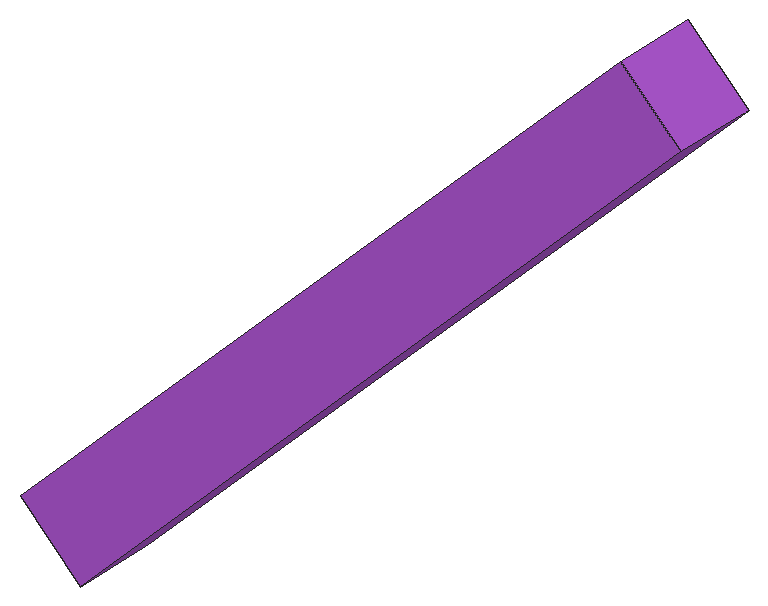
Revit family "ケーブルトレイサポート_等辺山形鋼", category Generic Models, Revit 2023
Family settings
  Can host rebar = No
  Round Connector Dimension = Use Diameter
  Part Type = Normal
  Work Plane-Based = Yes
  Always vertical = No
  Cut with Voids When Loaded = No
  Maintain Annotation Orientation = No
  Shared = No
  Room Calculation Point = No
Parameters (values of type "L 100 x 100")
  高さ = 100 mm
  長辺 [instance] = 長さ  # 1000 mm
  長さ [instance] = 1000 mm
  部屋名 = ""
  角度 [instance] = 45.00°
  Default Elevation = 1219.2 mm
  構造マテリアル = E304_ケーブルトレイサポート
  幅 = 100 mm
Types (18, lengths in mm): name | 高さ | 幅
  L 120 x 120 | 120 | 120
  L 130 x 130 | 130 | 130
  L 150 x 150 | 150 | 150
  L 175 x 175 | 175 | 175
  L 200 x 200 | 200 | 200
  L 25 x 25 | 25 | 25
  L 250 x 250 | 250 | 250
  L 30 x 30 | 30 | 30
  L 45 x 45 | 45 | 45
  L 50 x 50 | 50 | 50
  L 60 x 60 | 60 | 60
  L 65 x 65 | 65 | 65
  L 70 x 70 | 70 | 70
  L 75 x 75 | 75 | 75
  L 80 x 80 | 80 | 80
  L 90 x 90 | 90 | 90
  L 100 x 100 | 100 | 100
  L 40 x 40 | 40 | 40
Reference planes
  plane 1 "中心(正面/背面)": y = 0
  plane 2: z = 0
  plane 3 "中心(左/右)": x = 0
Lines and regions (mm)
  reference lines
    curve 1: line (0, 0, 0) -> (848.528, 0, 848.528)
    curve 2: line (35.355, 0, -35.355) -> (-35.355, 0, 35.355)
    curve 3: line (742.462, 0, 671.751) -> (671.751, 0, 742.462)
Dimensions and locks
  equal spacing: curve 2, curve 1, curve 2
  "高さ": curve 2 to curve 2
  equal spacing: curve 3, curve 1, curve 3
  "高さ": curve 3 to curve 3
  "長さ": curve 2 to curve 3
  "角度": angle level to curve 1
  angle curve 2 to curve 1 = 90.00°
  angle curve 3 to curve 1 = 90.00°
  aligned and locked: level to plane 2
  aligned and locked: level to curve 1
  aligned and locked: plane 3 "中心(左/右)" to curve 1
  aligned and locked: nested 1 to curve 1
Nested families
  nested 1: "グレーチング_等辺山形鋼" at (-35.355, 0, 35.355) x (0, 1, 0) z (0.7071, 0, -0.7071), 長さ <- "長さ", type "L 25 x 25"
    with 長辺 1000 mm, 長さ 1000 mm, 高さ 100 mm, 幅 100 mm
Definition of nested family "グレーチング_等辺山形鋼"
  Parameters (values of type "L 25 x 25")
    高さ = 25 mm
    長辺 [instance] = 長さ  # 1000 mm
    長さ [instance] = 1000 mm
    部屋名 = ""
    Default Elevation = 1219.2 mm
    構造マテリアル = none
    幅 = 25 mm
  Reference planes
    plane 1 "中心(正面/背面)": y = 0
    plane 2: z = 0
    plane 3 "中心(左/右)": x = 0
    plane 4: z = 12.5
    plane 5: z = 25
  Forms (mm)
    Extrusion 1, solid, material <- "構造マテリアル"
      sketch origin (0, 0, 0) x (1, 0, 0) y (0, 1, 0)
        loop
          line (-12.5, 1000) -> (-12.5, 0) -> (12.5, 0) -> (12.5, 1000) -> (-12.5, 1000)
      from 0 to 25
  Lines and regions (mm)
    reference lines
      curve 1: line (12.5, 1000, 0) -> (-12.5, 1000, 0)
      curve 2: line (12.5, 0, 0) -> (-12.5, 0, 0)
  Dimensions and locks
    "長さ": curve 1 to curve 2
    "幅": Extrusion 1 to Extrusion 1
    equal spacing: Extrusion 1, plane 3 "中心(左/右)", Extrusion 1
    "幅": curve 1 to curve 1
    equal spacing: curve 1, plane 3 "中心(左/右)", curve 1
    "幅": curve 2 to curve 2
    equal spacing: curve 2, plane 3 "中心(左/右)", curve 2
    equal spacing: plane 5, plane 4, level
    "高さ": plane 5 to level
    aligned and locked: level to plane 2
    aligned and locked: Extrusion 1 to curve 2
    aligned and locked: curve 1 to Extrusion 1
    aligned and locked: plane 5 to Extrusion 1
  Automatic sketch dimensions
    Extrusion 1 sketch curve to plane 3 "中心(左/右)" = 12.5 mm
    plane 3 "中心(左/右)" to Extrusion 1 sketch curve = 12.5 mm
    plane 1 "中心(正面/背面)" to Extrusion 1 sketch curve = 0 mm
    Extrusion 1 sketch curve to plane 1 "中心(正面/背面)" = 1000 mm
    plane 1 "中心(正面/背面)" to curve 2 = 0 mm
